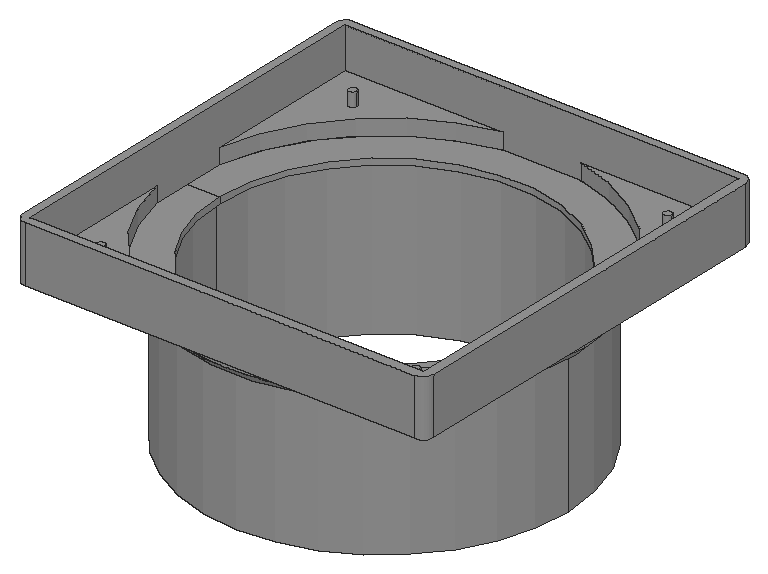
Revit family "HL_RU_Drainage and inspection chamber_HL635N.0-A-221005", category Instalační zařizovací předměty, Revit 2021
Family settings
  Kóta kulaté spojky = Použít průměr
  Typ dílu = Normální
  Číslo OmniClass = 23.70.50.21.24.14
  Nadpis OmniClass = Deck Waste Water Drains
  Založené na pracovní rovině = Ne
  Vždy vertikální = Ano
  Ořezat dutým tvarem při načtení = Ne
  Sdílené = Ne
  Bod výpočtu místnosti = Ano
Parameters (values of type "HL_Дренажный и инспекционный колодец для_HL635N.0")
  РАЗМЕР = "390x390x205mm"
  ПРОПУСКНАЯ СПОСОБНОСТЬ [instance] = 0.0 L/s
  ПРАВОВАЯ ИНФОРМАЦИЯ = "Авторские права(©), права на дизайн или какие либо другие права интелектуальной собственности являются исключительной собственностью компании HL Hutterer & Lechner. Изменению не подлежит. Файл семейства с данными о прозводителе изделия защищен паролем с водяным знаком."
  НОРМЫ = "EN1986-3/ EN1253-2"
  НОМИНАЛЬНЫЙ ДИАМЕТР = 350 mm
  МАТЕРИАЛ = "EPS/ PP"
  ВЫСОТА МОНТАЖА = "70 - 205mm"
  ВЕС = "1,57kg"
  Výrobce = "HL Hutterer & Lechner GmbH"
  URL = "http://www.hutterer-lechner.com/ru/products/catalog/roof-drains/HL635N.0.aspx"
  Материал плитка [instance] = none
  Přípoj ventilace = no
  Přípoj odpadních dílů = yes
  Přípoj HW = no
  Výchozí výška = 0 mm
  Přípoj CW = no
  Popis = "крыша"
  Model = "HL635N.0"
  Assembly Code = " "
  Komentáře k typům = "Дренажный и инспекционный колодец для \"зелёных\" и эксплуатируемых кровель и кровель с пригрузом из гравия, с пластиковым подрамником, без решётки"
  Keynote = "HL635N.0"
  Высота монтажа [instance] = 205 mm
  G [instance] = 180.00°  # constant formula
  EAN = "9003076032389"
  D [instance] = Высота монтажа - 50 mm  # 155 mm
  C [instance] = 32 mm  # constant formula
  B [instance] = 50 mm  # constant formula
  A [instance] = if(B - 100 mm > 15 mm, B - 100 mm, 15 mm)  # 15 mm
Reference planes
  plane 1 "Center (Front/Back)": y = 0
  plane 2: z = 0
  plane 3 "Center (Left/Right)": x = 0
  plane 4: z = -50
  plane 5: z = -205
Lines and regions (mm)
  model lines, style "InvisibleLines"
    curve 1: line (0, 0, 0) -> (0, 0, 20)
  model lines, style "PlumbingFixtures", detail levels coarse+medium
    curve 2: line (0, 0, -50) -> (0, 0, -35)
    curve 3: line (0, 0, -35) -> (-35, 0, 0)
    curve 4: line (0, 0, -35) -> (35, 0, 0)
    curve 6: line (0, 0, -50) -> (0, 0, -205)
  reference lines, not visible
    curve 5: line (0, 0, -50) -> (0, 0, -205)
  symbolic lines, style "PlumbingFixtures", detail levels coarse+medium
    curve 7: line (-75, 75, 0) -> (75, 75, 0)
    curve 8: line (-75, -75, 0) -> (-75, 75, 0)
    curve 9: line (75, -75, 0) -> (-75, -75, 0)
    curve 10: line (75, 75, 0) -> (75, -75, 0)
    curve 11: line (-75, 75, 0) -> (-145.711, 145.711, 0)
    curve 12: line (75, 75, 0) -> (145.711, 145.711, 0)
    curve 13: line (-75, -75, 0) -> (-145.711, -145.711, 0)
    curve 14: line (75, -75, 0) -> (145.711, -145.711, 0)
  symbolic lines, style "PlumbingFixtures", not visible, detail levels coarse+medium
    curve 15: line (-75, 75, 0) -> (75, 75, 0)
    curve 16: line (-75, -75, 0) -> (-75, 75, 0)
    curve 17: line (75, -75, 0) -> (-75, -75, 0)
    curve 18: line (75, 75, 0) -> (75, -75, 0)
    curve 19: line (-75, 75, 0) -> (-145.711, 145.711, 0)
    curve 20: line (75, 75, 0) -> (145.711, 145.711, 0)
    curve 21: line (-75, -75, 0) -> (-145.711, -145.711, 0)
    curve 22: line (75, -75, 0) -> (145.711, -145.711, 0)
Text (mm)
  text "FLOOR" at (-162.344, 0, -10.979), in view "вид строительства"
Dimensions and locks
  "B": plane 2 to plane 4
  "Высота монтажа": plane 2 to plane 5
  "A": curve 4 to plane 4
  "D": curve 5 to curve 5
  "D": curve 6 to curve 6
  locked: curve 4 to plane 3 "Center (Left/Right)" (angle 45.00°)
  locked: plane 3 "Center (Left/Right)" to curve 3 (angle 45.00°)
  "G": angle curve 5 to plane 3 "Center (Left/Right)"
  aligned and locked: level to plane 2
  aligned and locked: plane 2 to curve 4
  aligned and locked: plane 2 to curve 3
  aligned and locked: plane 4 to curve 5
  aligned and locked: plane 3 "Center (Left/Right)" to curve 5
  aligned and locked: plane 4 to curve 2
  aligned and locked: curve 6 to plane 3 "Center (Left/Right)"
  aligned and locked: curve 6 to plane 4
  aligned and locked: plane 3 "Center (Left/Right)" to nested 1
  aligned and locked: nested 1 to plane 2
Automatic sketch dimensions
  curve 2 to plane 3 "Center (Left/Right)" = 0 mm
  curve 1 to plane 3 "Center (Left/Right)" = 0 mm
  curve 1 to level = 0 mm
  level to curve 1 = 20 mm
Nested families
  nested 1: "HL-Дренажный и инспекционный колодец для-HL635N.0" at (0, 0, 0), Высота монтажа <- "Высота монтажа", type "HL-Дренажный и инспекционный колодец для-HL635N.0"
    with Высота монтажа минимум 70 mm, Высота монтажа максимум 205 mm, Высота монтажа 205 mm, Z 136 mm, Y 69 mm, X 205 mm
Connectors
  piping at (0, 0, -205), diameter 350, driven by "ПРОПУСКНАЯ СПОСОБНОСТЬ", driven by "НОМИНАЛЬНЫЙ ДИАМЕТР"
    settings: on curve 5, index 1, connector inside diameter 609.6 mm, connector length 0 mm, flow factor 0, pipe flow 0.0 L/s, pressure drop 0.0 Pa, fitting loss kfactor 0, connector angle 0.00°, fixture units 0, engagement length 0 mm, angle of deflection 0.00°, flow configuration 1, flow direction 2, fitting loss method 0, system type 16, joint type 0, gender type 0, connector reference index -1, connector utility 0, adjustable connector yes, is connector primary yes, connector description ""
Definition of nested family "HL-Дренажный и инспекционный колодец для-HL635N.0"
  Parameters (values of type "HL-Дренажный и инспекционный колодец для-HL635N.0")
    РАЗМЕР = "390x390x205mm"
    ПРАВОВАЯ ИНФОРМАЦИЯ = "Авторские права(©), права на дизайн или какие либо другие права интелектуальной собственности являются исключительной собственностью компании HL Hutterer & Lechner. Изменению не подлежит. Файл семейства с данными о прозводителе изделия защищен паролем с водяным знаком."
    НОРМЫ = "EN1986-3/ EN1253-2"
    МАТЕРИАЛ = "EPS/ PP"
    ВЫСОТА МОНТАЖА = "70 - 205mm"
    ВЕС = "1,57kg"
    Z [instance] = X - 69 mm  # 136 mm
    Y [instance] = 69 mm  # constant formula
    X [instance] = if(Высота монтажа > Высота монтажа максимум, -10 mm, if(Высота монтажа < Высота монтажа минимум, -10 mm, Высота монтажа))  # 205 mm
    Height = 0 mm
    Manufacturer = "HL Hutterer & Lechner GmbH"
    URL = "http://www.hutterer-lechner.com/ru/products/catalog/roof-drains/HL635N.0.aspx"
    Высота монтажа [instance] = 205 mm
    Keynote = "HL635N.0"
    Высота монтажа минимум [instance] = 70 mm
    Высота монтажа максимум [instance] = 205 mm
    Description = "крыша"
    Model = "HL635N.0"
    Type Comments = "Дренажный и инспекционный колодец для \"зелёных\" и эксплуатируемых кровель и кровель с пригрузом из гравия, с пластиковым подрамником, без решётки"
    Default Elevation = 0 mm
    EAN = "9003076032389"
    Cost = 0
  Reference planes
    plane 1 "Střed (vpředu/vzadu)": y = 0
    plane 2: z = 0
    plane 3 "Střed (vlevo/vpravo)": x = 0
    plane 4: z = -205
    plane 5: z = -53.5
    plane 6: z = -69
    plane 7: z = -26.095
  Forms (mm)
    Extrusion 1, solid, detail levels fine
      sketch origin (0, 0, 0) x (1, 0, 0) y (0, 1, 0)
        loop
          line (-187.002, 187.005) -> (-187.002, -186.995) -> (186.998, -186.995) -> (186.998, 187.005) -> (-187.002, 187.005)
        loop
          arc (-195.002, -184.995) -> (-192.073, -192.066) -> (-185.002, -194.995) r 10
          line (-185.002, -194.995) -> (184.998, -194.995)
          arc (184.998, -194.995) -> (192.069, -192.066) -> (194.998, -184.995) r 10
          line (194.998, -184.995) -> (194.998, 185.005)
          arc (194.998, 185.005) -> (192.069, 192.076) -> (184.998, 195.005) r 10
          line (184.998, 195.005) -> (-185.002, 195.005)
          arc (-185.002, 195.005) -> (-192.073, 192.076) -> (-195.002, 185.005) r 10
          line (-195.002, 185.005) -> (-195.002, -184.995)
      from -53.5 to 0
    Revolve 2, solid, detail levels fine
      sketch origin (-71, 0, -288.3) x (0, 0, 1) y (-1, 0, 0)
        loop
          line (219.415, 110.627) -> (219.415, 104) -> (83.3, 104) -> (83.3, 89) -> (229.138, 89) -> (229.138, 85.301) -> (234.8, 85.301) -> (234.8, 119.6) -> (228.387, 119.6) -> (219.415, 110.627)
        axis (234.8, -71) -> (83.3, -71)
      angle from 0 to 360
    Extrusion 3, solid, detail levels fine
      sketch origin (0, 0, 0) x (1, 0, 0) y (0, 1, 0)
        loop
          arc (-187.002, 36.861) -> (-134.768, 134.781) -> (-36.843, 187.005) r 190.6
          line (-36.843, 187.005) -> (-187.002, 187.005) -> (-187.002, 36.861)
        loop
          arc (36.843, 187.005) -> (134.762, 134.787) -> (186.998, 36.877) r 190.6
          line (186.998, 36.877) -> (186.998, 187.005) -> (36.843, 187.005)
        loop
          arc (-36.895, -186.995) -> (-134.787, -134.762) -> (-187.002, -36.861) r 190.6
          line (-187.002, -36.861) -> (-187.002, -186.995) -> (-36.895, -186.995)
        loop
          line (186.998, -186.995) -> (186.998, -36.877)
          arc (186.998, -36.877) -> (134.781, -134.768) -> (36.895, -186.995) r 190.6
          line (36.895, -186.995) -> (186.998, -186.995)
      from -53.5 to -38.5
    Extrusion 4, solid, detail levels fine
      sketch origin (0, 0, 0) x (1, 0, 0) y (0, 1, 0)
        loop
          circle (-149.584, 149.625) r 3.6
      from -38.5 to -26.095
    Extrusion 5, solid, detail levels fine
      sketch origin (0, 0, 0) x (-1, 0, 0) y (0, -1, 0)
        loop
          circle (-149.584, -149.625) r 3.6
      from -38.5 to -26.095
    Extrusion 6, solid, detail levels fine
      sketch origin (0, 0, 0) x (-1, 0, 0) y (0, -1, 0)
        loop
          circle (-149.584, 149.625) r 3.6
      from -38.5 to -26.095
    Extrusion 7, solid, detail levels fine
      sketch origin (0, 0, 0) x (1, 0, 0) y (0, 1, 0)
        loop
          circle (-149.584, -149.625) r 3.6
      from -38.5 to -26.095
  Dimensions and locks
    Extrusion 1 sketch curve to Extrusion 1 sketch curve to plane 3 "Střed (vlevo/vpravo)" to Extrusion 1 sketch curve to Extrusion 1 sketch curve = 8 mm locked, 187.002 mm locked, 186.998 mm locked, 8 mm locked
    Extrusion 1 sketch curve to Extrusion 1 sketch curve to plane 1 "Střed (vpředu/vzadu)" to Extrusion 1 sketch curve to Extrusion 1 sketch curve = 8 mm locked, 186.995 mm locked, 187.005 mm locked, 8 mm locked
    locked: plane 2 to plane 5 at 53.5
    Revolve 2 sketch curve to Revolve 2 sketch curve to Revolve 2 sketch curve = 15 mm locked, 160 mm locked
    plane 2 to Revolve 2 sketch curve to Revolve 2 sketch curve = 53.5 mm locked, 15.385 mm locked
    equal spacing: plane 2, Revolve 2 sketch curve, Revolve 2 sketch curve
    "Y": plane 2 to plane 6
    "Z": plane 6 to plane 4
    locked: Extrusion 3 to plane 5 at 15
    locked: plane 2 to plane 7 at 26.095
    radius of Extrusion 1 sketch curve = 10 mm  (x4)
    aligned and locked: level to plane 2
    aligned and locked: plane 2 to Extrusion 1
    aligned and locked: Revolve 2 sketch curve to plane 3 "Střed (vlevo/vpravo)"
    aligned and locked: plane 4 to Revolve 2
    aligned and locked: plane 5 to Extrusion 1
    aligned and locked: plane 6 to Revolve 2
    aligned and locked: Revolve 2 to plane 6
    aligned and locked: Extrusion 1 to Extrusion 3 sketch curve  (x4)
    aligned and locked: Extrusion 3 sketch curve to Extrusion 1  (x4)
    aligned and locked: Extrusion 1 to Extrusion 3
    aligned and locked: Extrusion 4 to Extrusion 3
    aligned and locked: plane 7 to Extrusion 7
    aligned and locked: Extrusion 7 to Extrusion 3
    aligned and locked: Extrusion 6 to Extrusion 3
    aligned and locked: Extrusion 5 to Extrusion 3
    aligned and locked: plane 7 to Extrusion 6
    aligned and locked: plane 7 to Extrusion 5
  Automatic sketch dimensions
    Extrusion 3 sketch curve to Extrusion 3 sketch curve = 0 mm  (x12)
    plane 1 "Střed (vpředu/vzadu)" to Extrusion 3 sketch curve = 0 mm
    Extrusion 3 sketch curve to plane 3 "Střed (vlevo/vpravo)" = 0 mm
    Extrusion 3 sketch curve to plane 3 "Střed (vlevo/vpravo)" = 36.895 mm
    Extrusion 3 sketch curve to plane 3 "Střed (vlevo/vpravo)" = 36.843 mm
    plane 3 "Střed (vlevo/vpravo)" to Extrusion 3 sketch curve = 36.843 mm
    plane 3 "Střed (vlevo/vpravo)" to Extrusion 3 sketch curve = 36.895 mm
    Extrusion 4 sketch curve to plane 3 "Střed (vlevo/vpravo)" = 149.584 mm
    Extrusion 4 sketch curve to plane 1 "Střed (vpředu/vzadu)" = 149.625 mm
    Extrusion 5 sketch curve to plane 3 "Střed (vlevo/vpravo)" = 149.584 mm
    plane 1 "Střed (vpředu/vzadu)" to Extrusion 5 sketch curve = 149.625 mm
    plane 3 "Střed (vlevo/vpravo)" to Extrusion 6 sketch curve = 149.584 mm
    plane 1 "Střed (vpředu/vzadu)" to Extrusion 6 sketch curve = 149.625 mm
    plane 3 "Střed (vlevo/vpravo)" to Extrusion 7 sketch curve = 149.584 mm
    Extrusion 7 sketch curve to plane 1 "Střed (vpředu/vzadu)" = 149.625 mm
    Revolve 2 sketch curve to plane 4 = 0 mm  (x2)
    Revolve 2 sketch curve to plane 5 = 0 mm
    Revolve 2 sketch curve to Revolve 2 sketch curve = 6.413 mm
    Revolve 2 sketch curve to Revolve 2 sketch curve = 5.662 mm
    Revolve 2 sketch curve to Revolve 2 sketch curve = 3.699 mm
    Revolve 2 sketch curve to Revolve 2 sketch curve = 6.627 mm
    Revolve 2 sketch curve to Revolve 2 sketch curve = 8.973 mm
    radius of Extrusion 4 sketch curve = 3.6 mm
    radius of Extrusion 5 sketch curve = 3.6 mm
    radius of Extrusion 6 sketch curve = 3.6 mm
    radius of Extrusion 7 sketch curve = 3.6 mm
